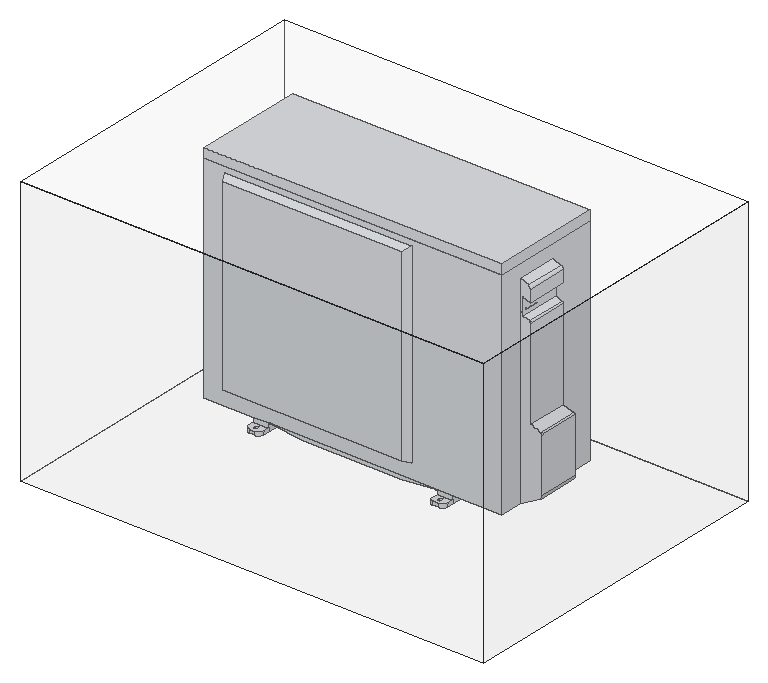
Revit family "puz-ermp4063ska14_50hz", category 機械設備, Revit 2019
Family settings
  丸型コネクタ寸法 = 直径を使用
  パーツ タイプ = 標準
  OmniClass 番号 = 23.75.10.24.21.27.27
  OmniClass タイトル = Split System Air Conditioning Units
  作業面ベース = いいえ
  常に垂直 = はい
  ロード時にボイドで切り取り = いいえ
  共有 = いいえ
  部屋計算ポイント = いいえ
Parameters (values of type "室外機_PUZ-ERMP40KA14 (-BS_BSG)")
  音響パワーレベル_暖房 (dB) = 66
  音響パワーレベル_冷房 (dB) = 64
  音響パワーレベル(dB) = [音響パワーレベル_暖房 (dB)]  # 66
  電源種別 = ""
  電源位置Y = 61 mm
  電源位置Z = 497.7 mm
  電源位置X = 400 mm
  電圧 = 200 V
  電動機出力_送風機 = 0.04 kW
  電動機出力_圧縮機 = 0.7 kW
  集中コントローラ [instance] = ""
  運転質量 = 0.00 kg
  運転方法 = "冷暖切替"
  質量 = if(製品質量 > 運転質量, 製品質量, 運転質量) * 1.2  # 45.60 kg
  負荷分類 = 1_熱源類
  説明 = "空冷H/P PAC インバータ室外機"
  設計暖房能力 [instance] = 0 kW
  設計冷房能力_顕熱 [instance] = 0 kW
  設計冷房能力 [instance] = 0 kW
  設置方法 = "床置形"
  記号 [instance] = ""
  製造元 = "三菱電機株式会社"
  製品質量 = 38.00 kg
  製品出荷対象 = "国内"
  製品リリース年月 = ""
  製品グループ = ""
  系統 [instance] = ""
  符号 = "PAC"
  積算_科目 = "1 空気調和設備"
  積算_拾い区分 [instance] = ""
  相 = 3
  盤記号 [instance] = ""
  発停方法 = "付属スイッチ"
  特殊仕様 [instance] = ""
  消費電力_暖房 = 0 kW
  消費電力_冷房 = 0 kW
  消費電力 = if(消費電力_冷房 > 消費電力_暖房, 消費電力_冷房, 消費電力_暖房)  # 0 kW
  法定耐用年数 = "6"
  構成品番 = "PUZ-ERMP40KA14 (-BS,-BSG)"
  極数 = 3
  材質 [instance] = ""
  本体マテリアル = none
  最小電線太さ_mm2 = 2
  最大電流値 = 0 A
  暖房能力 = 4 kW
  推奨ブレーカー容量 = 15 A
  据付ピッチ1 = 0 mm
  形式 = "パッケージ形 室外機"
  形名 = PUZ-ZRMP-1 : PUZ-ZRMP-1
  幹線記号 [instance] = ""
  始動方式 = "インバータ始動方式"
  呼称 = "パッケージ形空気調和機_室外機"
  周波数 = 50 Hz
  価格 = 0
  ドレン　位置Z = 8.5 mm
  ドレン　位置Y = 48.5 mm
  ドレン　位置X = 404.5 mm
  アンカーボルト位置Y = 330 mm
  アンカーボルト位置X = 500 mm
  参照している仕様書等のバージョン = "公共建築物標準仕様書（機械設備工事編）平成31年度版"
  分類コード = "5.0053E+13"
  分類グループ = ""
  冷房能力 = 3.6 kW
  冷媒管（ガス）位置X = 420 mm
  冷媒管（液）位置X = 420 mm
  冷媒管（液）位置Y = 153.75 mm
  冷媒管（ガス）位置Y = 153.75 mm
  冷媒管長 [instance] = 0 mm
  冷媒管径符号 = "Ac"
  冷媒管径 = 60.00 mm
  冷媒管位置Z = 158.95 mm
  冷媒管位置Y = (冷媒管（液）位置Y + 冷媒管（ガス）位置Y) / 2  # 153.75 mm
  冷媒管位置X = (冷媒管（液）位置X + 冷媒管（ガス）位置X) / 2  # 420 mm
  冷媒液管径 = 6.35 mm
  冷媒ガス管径 = 12.70 mm
  企業コード = "108420"
  付属品 [instance] = ""
  仕様書バージョン = "Version1.0"
  ユニット数 = 1
  ユニット3 = yes
  ユニット2 = yes
  Model = ""
  ドレン管径 = 42.00 mm
  サービススペース = yes
  コメント [instance] = ""
  ケーブル種類1 = ""
  【値が 0 の項目は組合せ形名にてご確認ください】 = ""
  Width = 809 mm
  Version = ""
  Uniclass2015Version = "Systems v1.9"
  Uniclass2015Title = "Split coil remote air cooled condensing units"
  Uniclass2015Code = "Pr_70_65_03_84"
  URL = "https://www.mitsubishielectric.co.jp/ldg/wink/ssl/top.do"
  SpecificationReference = ""
  SpecificationDescription = ""
  Revision = ""
  ProductInformation = ""
  OmniClassCode = "23-33 17 13 11"
  IfcTypeProduct = ""
  IfcProduct = ""
  IfcExportType = "AIRCONDITIONINGUNIT"
  IfcExportAs = "IfcUnitaryEquipmentType"
  Height = 630 mm
  Depth = 300 mm
  Clearance Top = 100 mm
  Clearance Right = 350 mm
  Clearance Left = 100 mm
  Clearance Front = 500 mm
  Clearance Bottom = 0 mm
  Clearance Back = 100 mm
  COP = 0
  Author = "三菱電機株式会社"
  APF = 0
Reference planes
  plane 1 "中心(正面/背面)": y = 74
  plane 2: z = 0
  plane 3 "中心(左/右)": x = 830
  plane 4 "右": x = 1234.5
  plane 5 "左": x = 425.5
  plane 6 "背面": y = 224
  plane 7 "正面": y = -76
  plane 8 "上部": z = 630
  plane 9 "Clearanse Top": z = 730
  plane 10 "SS_back": y = 324
  plane 11 "SS_front": y = -576
  plane 12 "SS_left": x = 325.5
  plane 13 "SS_right": x = 1584.5
  plane 14: z = 0
  plane 15: y = -15
  plane 16: x = 1230
  plane 17: z = 497.7
  plane 18: y = -13
  plane 19: y = 70.25
  plane 20: x = 1250
  plane 21: y = 175.5
  plane 22: x = 830
  plane 23: z = 10.5
  plane 24: z = 8.5
  plane 25: x = 580
  plane 26: x = 1080
  plane 27: y = 239
  plane 28: y = -91
Forms (mm)
  Extrusion 1, solid, detail levels fine
    sketch origin (0, -76, 0) x (1, 0, 0) y (0, 0, 1)
      loop
        circle (1230, 497.7) r 13.5
    from -63 to -61
  Extrusion 2, solid, detail levels fine
    sketch origin (-1437.329, -1524, 54) x (-1, 0, 0) y (0, -1, 0)
      loop
        circle (-2267.329, -1699.5) r 21
    from -45.5 to -43.5
  Sweep 3, solid, material <- "本体マテリアル", detail levels fine
    path origin (1250, 1296.25, 1200) x (0, 1, 0) y (0, 0, 1)
      loop
        line (-1226, -1041.05) -> (-1272.623, -1084.565)
    profile origin (1250, 46.939, 137.193) x (0, 0.682318, -0.731055) y (1, 0, 0)
      loop
        circle (0, 0) r 30
Lines and regions (mm)
  model lines, not visible
    curve 1: line (460, 178.667, 1289.179) -> (460, 297.73, 1289.179)
    curve 2: line (460, 178.667, 1056.056) -> (460, 178.667, 1289.179)
    curve 3: line (460, 297.73, 1056.056) -> (460, 178.667, 1056.056)
    curve 4: line (460, 297.73, 1289.179) -> (460, 297.73, 1056.056)
    curve 5: line (460, 47.598, 1289.179) -> (460, 166.661, 1289.179)
    curve 6: line (460, 47.598, 1056.056) -> (460, 47.598, 1289.179)
    curve 7: line (460, 166.661, 1056.056) -> (460, 47.598, 1056.056)
    curve 8: line (460, 166.661, 1289.179) -> (460, 166.661, 1056.056)
    curve 9: line (460, -83.471, 1289.179) -> (460, 35.592, 1289.179)
    curve 10: line (460, -83.471, 1056.056) -> (460, -83.471, 1289.179)
    curve 11: line (460, 35.592, 1056.056) -> (460, -83.471, 1056.056)
    curve 12: line (460, 35.592, 1289.179) -> (460, 35.592, 1056.056)
    curve 13: line (460, -150.779, 1289.179) -> (460, -95.75, 1289.179)
    curve 14: line (460, -150.779, 1056.056) -> (460, -150.779, 1289.179)
    curve 15: line (460, -95.75, 1056.056) -> (460, -150.779, 1056.056)
    curve 16: line (460, -95.75, 1289.179) -> (460, -95.75, 1056.056)
    curve 17: line (460, -150.779, 1283.175) -> (460, -132.596, 1283.175)
    curve 18: line (460, -150.779, 1062.059) -> (460, -150.779, 1283.175)
    curve 19: line (460, -132.596, 1062.059) -> (460, -150.779, 1062.059)
    curve 20: line (460, -132.596, 1283.175) -> (460, -132.596, 1062.059)
    curve 21: line (460, 178.667, 1046.051) -> (460, 297.73, 1046.051)
    curve 22: line (460, 178.667, 812.928) -> (460, 178.667, 1046.051)
    curve 23: line (460, 297.73, 812.928) -> (460, 178.667, 812.928)
    curve 24: line (460, 297.73, 1046.051) -> (460, 297.73, 812.928)
    curve 25: line (460, 47.598, 1046.051) -> (460, 166.661, 1046.051)
    curve 26: line (460, 47.598, 812.928) -> (460, 47.598, 1046.051)
    curve 27: line (460, 166.661, 812.928) -> (460, 47.598, 812.928)
    curve 28: line (460, 166.661, 1046.051) -> (460, 166.661, 812.928)
    curve 29: line (460, -83.471, 1046.051) -> (460, 35.592, 1046.051)
    curve 30: line (460, -83.471, 812.928) -> (460, -83.471, 1046.051)
    curve 31: line (460, 35.592, 812.928) -> (460, -83.471, 812.928)
    curve 32: line (460, 35.592, 1046.051) -> (460, 35.592, 812.928)
    curve 33: line (460, -150.779, 1046.051) -> (460, -95.75, 1046.051)
    curve 34: line (460, -150.779, 812.928) -> (460, -150.779, 1046.051)
    curve 35: line (460, -95.75, 812.928) -> (460, -150.779, 812.928)
    curve 36: line (460, -95.75, 1046.051) -> (460, -95.75, 812.928)
    curve 37: line (460, -150.779, 1040.048) -> (460, -132.596, 1040.048)
    curve 38: line (460, -150.779, 818.931) -> (460, -150.779, 1040.048)
    curve 39: line (460, -132.596, 818.931) -> (460, -150.779, 818.931)
    curve 40: line (460, -132.596, 1040.048) -> (460, -132.596, 818.931)
    curve 41: line (460, 178.667, 802.923) -> (460, 297.73, 802.923)
    curve 42: line (460, 178.667, 569.8) -> (460, 178.667, 802.923)
    curve 43: line (460, 297.73, 569.8) -> (460, 178.667, 569.8)
    curve 44: line (460, 297.73, 802.923) -> (460, 297.73, 569.8)
    curve 45: line (460, 47.598, 802.923) -> (460, 166.661, 802.923)
    curve 46: line (460, 47.598, 569.8) -> (460, 47.598, 802.923)
    curve 47: line (460, 166.661, 569.8) -> (460, 47.598, 569.8)
    curve 48: line (460, 166.661, 802.923) -> (460, 166.661, 569.8)
    curve 49: line (460, -83.471, 802.923) -> (460, 35.592, 802.923)
    curve 50: line (460, -83.471, 569.8) -> (460, -83.471, 802.923)
    curve 51: line (460, 35.592, 569.8) -> (460, -83.471, 569.8)
    curve 52: line (460, 35.592, 802.923) -> (460, 35.592, 569.8)
    curve 53: line (460, -150.779, 802.923) -> (460, -95.75, 802.923)
    curve 54: line (460, -150.779, 569.8) -> (460, -150.779, 802.923)
    curve 55: line (460, -95.75, 569.8) -> (460, -150.779, 569.8)
    curve 56: line (460, -95.75, 802.923) -> (460, -95.75, 569.8)
    curve 57: line (460, -150.779, 796.92) -> (460, -132.596, 796.92)
    curve 58: line (460, -150.779, 575.803) -> (460, -150.779, 796.92)
    curve 59: line (460, -132.596, 575.803) -> (460, -150.779, 575.803)
    curve 60: line (460, -132.596, 796.92) -> (460, -132.596, 575.803)
    curve 61: line (460, 178.667, 559.795) -> (460, 297.73, 559.795)
    curve 62: line (460, 178.667, 326.672) -> (460, 178.667, 559.795)
    curve 63: line (460, 297.73, 326.672) -> (460, 178.667, 326.672)
    curve 64: line (460, 297.73, 559.795) -> (460, 297.73, 326.672)
    curve 65: line (460, 47.598, 559.795) -> (460, 166.661, 559.795)
    curve 66: line (460, 47.598, 326.672) -> (460, 47.598, 559.795)
    curve 67: line (460, 166.661, 326.672) -> (460, 47.598, 326.672)
    curve 68: line (460, 166.661, 559.795) -> (460, 166.661, 326.672)
    curve 69: line (460, -83.471, 559.795) -> (460, 35.592, 559.795)
    curve 70: line (460, -83.471, 326.672) -> (460, -83.471, 559.795)
    curve 71: line (460, 35.592, 326.672) -> (460, -83.471, 326.672)
    curve 72: line (460, 35.592, 559.795) -> (460, 35.592, 326.672)
    curve 73: line (460, -150.779, 559.795) -> (460, -95.75, 559.795)
    curve 74: line (460, -150.779, 326.672) -> (460, -150.779, 559.795)
    curve 75: line (460, -95.75, 326.672) -> (460, -150.779, 326.672)
    curve 76: line (460, -95.75, 559.795) -> (460, -95.75, 326.672)
    curve 77: line (460, -150.779, 553.792) -> (460, -132.596, 553.792)
    curve 78: line (460, -150.779, 332.675) -> (460, -150.779, 553.792)
    curve 79: line (460, -132.596, 332.675) -> (460, -150.779, 332.675)
    curve 80: line (460, -132.596, 553.792) -> (460, -132.596, 332.675)
    curve 81: line (460, 178.667, 316.667) -> (460, 297.73, 316.667)
    curve 82: line (460, 178.667, 83.544) -> (460, 178.667, 316.667)
    curve 83: line (460, 297.73, 83.544) -> (460, 178.667, 83.544)
    curve 84: line (460, 297.73, 316.667) -> (460, 297.73, 83.544)
    curve 85: line (460, 47.598, 316.667) -> (460, 166.661, 316.667)
    curve 86: line (460, 47.598, 83.544) -> (460, 47.598, 316.667)
    curve 87: line (460, 166.661, 83.544) -> (460, 47.598, 83.544)
    curve 88: line (460, 166.661, 316.667) -> (460, 166.661, 83.544)
    curve 89: line (460, -83.471, 316.667) -> (460, 35.592, 316.667)
    curve 90: line (460, -83.471, 83.544) -> (460, -83.471, 316.667)
    curve 91: line (460, 35.592, 83.544) -> (460, -83.471, 83.544)
    curve 92: line (460, 35.592, 316.667) -> (460, 35.592, 83.544)
    curve 93: line (460, -150.779, 316.667) -> (460, -95.75, 316.667)
    curve 94: line (460, -150.779, 83.544) -> (460, -150.779, 316.667)
    curve 95: line (460, -95.75, 83.544) -> (460, -150.779, 83.544)
    curve 96: line (460, -95.75, 316.667) -> (460, -95.75, 83.544)
    curve 97: line (460, -150.779, 310.664) -> (460, -132.596, 310.664)
    curve 98: line (460, -150.779, 89.547) -> (460, -150.779, 310.664)
    curve 99: line (460, -132.596, 89.547) -> (460, -150.779, 89.547)
    curve 100: line (460, -132.596, 310.664) -> (460, -132.596, 89.547)
Dimensions and locks
  equal spacing: plane 7 "正面", plane 1 "中心(正面/背面)", plane 6 "背面"
  "Depth": plane 7 "正面" to plane 6 "背面"
  "Width": plane 5 "左" to plane 4 "右"
  equal spacing: plane 5 "左", plane 3 "中心(左/右)", plane 4 "右"
  "Clearance Left": plane 12 "SS_left" to plane 5 "左"
  "Clearance Right": plane 4 "右" to plane 13 "SS_right"
  "Clearance Back": plane 6 "背面" to plane 10 "SS_back"
  "Clearance Front": plane 11 "SS_front" to plane 7 "正面"
  "Height": plane 8 "上部" to level
  "Clearance Top": plane 9 "Clearanse Top" to plane 8 "上部"
  "Clearance Bottom": level to plane 14
  "電源位置X": plane 3 "中心(左/右)" to plane 16
  "電源位置Y": plane 7 "正面" to plane 15
  "電源位置Z": plane 17 to level
  locked: plane 15 to plane 18 at 2
  "冷媒管位置X": plane 3 "中心(左/右)" to plane 20
  "冷媒管位置Y": plane 19 to plane 6 "背面"
  "ドレン　位置X": plane 5 "左" to plane 22
  "ドレン　位置Y": plane 21 to plane 6 "背面"
  locked: plane 23 to plane 24 at 2
  "ドレン　位置Z": plane 24 to level
  equal spacing: plane 28, plane 1 "中心(正面/背面)", plane 27
  "アンカーボルト位置Y": plane 28 to plane 27
  equal spacing: plane 25, plane 3 "中心(左/右)", plane 26
  "アンカーボルト位置X": plane 25 to plane 26
  radius of Extrusion 1 sketch curve = 13.5 mm
  "ドレン管径": diameter of Extrusion 2 sketch curve
  "冷媒管径": diameter of Sweep 3 sketch curve
  aligned and locked: level to plane 2
  aligned and locked: plane 10 "SS_back" to nested 1  (x2)
  aligned and locked: plane 13 "SS_right" to nested 1
  aligned and locked: plane 12 "SS_left" to nested 1  (x2)
  aligned and locked: nested 1 to plane 13 "SS_right"
  aligned and locked: plane 11 "SS_front" to nested 1
  aligned and locked: plane 9 "Clearanse Top" to nested 1
  aligned and locked: plane 1 "中心(正面/背面)" to nested 2
  aligned and locked: plane 3 "中心(左/右)" to nested 2
  aligned and locked: plane 14 to nested 1
  aligned and locked: plane 17 to Extrusion 1 sketch curve
  aligned and locked: plane 16 to Extrusion 1 sketch curve
  aligned and locked: Extrusion 1 to plane 18
  aligned and locked: plane 15 to Extrusion 1
  aligned and locked: plane 22 to Extrusion 2 sketch curve
  aligned and locked: plane 21 to Extrusion 2 sketch curve
  aligned and locked: plane 23 to Extrusion 2
  aligned and locked: Extrusion 2 to plane 24
  aligned and locked: plane 25 to nested 3
  aligned and locked: plane 27 to nested 3
Automatic sketch dimensions
  Sweep 3 sketch curve to plane 18 = 36.627 mm
  plane 1 "中心(正面/背面)" to Sweep 3 sketch curve = 3.75 mm
  plane 23 to Sweep 3 sketch curve = 104.935 mm
  Sweep 3 sketch curve to Sweep 3 sketch curve = 43.515 mm
  Sweep 3 sketch curve to plane 20 = 0 mm
  Sweep 3 sketch curve to profile plane = 0 mm
Nested families
  nested 1: "サービススペース" at (955, -126, 365), visible <- "サービススペース", type "サービススペース"
    with Width 1259 mm, Height 730 mm, Depth 900 mm
  nested 2: "PUZ-ZRMP-1" at (830, 74, 0), type <- "形名", type "PUZ-ZRMP-1"
  nested 3: "固定点" at (580, -91, 0), type "固定点"
    with 中心円 10 mm, W 500 mm, D 330 mm
Connectors
  electrical at (1230, -15, 497.7), driven by "極数", driven by "負荷分類", driven by "電圧", driven by "消費電力"
    settings: on Extrusion 1, index 2, voltage 200 V, apparent load 0 VA, apparent load phase1 0 VA, apparent load phase2 0 VA, apparent load phase3 0 VA, power factor 1, load classification "1_熱源類", number of poles 3, system type 30, power factor state 1, is connector primary yes, connector utility no, sub classification motor no, connector description ""
  piping at (1250, 70.25, 158.95), diameter 60, driven by "冷媒管径", driven by "冷媒管径符号"
    settings: on Sweep 3, index 3, connector inside diameter 609.60 mm, connector length 0 mm, flow factor 0, pipe flow 0.0 L/s, pressure drop 0.0 Pa, fitting loss kfactor 0, connector angle 0.00°, fixture units 0, engagement length 0 mm, angle of deflection 0.00°, flow configuration 1, flow direction 2, fitting loss method 4, system type 7, joint type 0, gender type 0, connector reference index -1, connector utility 0, adjustable connector no, is connector primary yes, connector description "Ac"
Definition of nested family "サービススペース"
  Parameters (values of type "サービススペース")
    Width [instance] = 500 mm
    Height [instance] = 500 mm
    Depth [instance] = 500 mm
  Reference planes
    plane 1 "中心(正面/背面)": y = 0
    plane 2: z = 0
    plane 3 "中心(左/右)": x = 0
    plane 4: y = -250
    plane 5: x = 250
    plane 6: y = 250
    plane 7: x = -250
    plane 8: z = 250
    plane 9: z = -250
  Forms (mm)
    Extrusion 1, solid
      sketch origin (-638.939, 0, 72.39) x (1, 0, 0) y (0, 1, 0)
        loop
          line (388.939, 250) -> (388.939, -250) -> (888.939, -250) -> (888.939, 250) -> (388.939, 250)
      from -322.39 to 177.61
  Lines and regions (mm)
    symbolic lines
      curve 1: line (-250, 0, 250) -> (250, 0, 250)
      curve 2: line (-250, 0, -250) -> (-250, 0, 250)
      curve 3: line (250, 0, -250) -> (-250, 0, -250)
      curve 4: line (250, 0, 250) -> (250, 0, -250)
      curve 5: line (0, -250, 250) -> (0, 250, 250)
      curve 6: line (0, -250, -250) -> (0, -250, 250)
      curve 7: line (0, 250, -250) -> (0, -250, -250)
      curve 8: line (0, 250, 250) -> (0, 250, -250)
      curve 9: line (-250, 250, 0) -> (250, 250, 0)
      curve 10: line (-250, -250, 0) -> (-250, 250, 0)
      curve 11: line (250, -250, 0) -> (-250, -250, 0)
      curve 12: line (250, 250, 0) -> (250, -250, 0)
  Dimensions and locks
    equal spacing: plane 7, plane 3 "中心(左/右)", plane 5
    equal spacing: plane 4, plane 1 "中心(正面/背面)", plane 6
    "Depth": plane 4 to plane 6
    "Width": plane 7 to plane 5
    equal spacing: plane 8, plane 2, plane 9
    "Height": plane 8 to plane 9
    aligned and locked: plane 9 to curve 3
    aligned and locked: plane 7 to curve 2
    aligned and locked: curve 4 to plane 5
    aligned and locked: plane 5 to Extrusion 1
    aligned and locked: Extrusion 1 to plane 7
    aligned and locked: Extrusion 1 to plane 9
    aligned and locked: plane 8 to Extrusion 1
    aligned and locked: plane 9 to curve 7
  Automatic sketch dimensions
    plane 4 to Extrusion 1 sketch curve = 0 mm
    Extrusion 1 sketch curve to plane 7 = 0 mm
    Extrusion 1 sketch curve to plane 5 = 0 mm
    plane 6 to Extrusion 1 sketch curve = 0 mm
    curve 2 to plane 8 = 0 mm
    plane 4 to curve 11 = 0 mm
    curve 11 to plane 7 = 0 mm
    curve 11 to plane 5 = 0 mm
    plane 6 to curve 10 = 0 mm
    curve 7 to plane 4 = 0 mm
    curve 7 to plane 6 = 0 mm
    curve 6 to plane 8 = 0 mm
Definition of nested family "PUZ-ZRMP-1"
  Parameters (values of type "PUZ-ZRMP-1")
    配線取出口サイズ = 27 mm
    配線取出口-Z = 497.7 mm
    配線取出口-Y = 239 mm
    配線取出口-X = 400 mm
    液配管サイズ = 50 mm
    高さ = 630 mm
    換気-W = 310 mm
    換気-H2 = 632 mm
    換気-H1 = 325 mm
    換気-D = 20 mm
    奥行き = 300 mm
    吊りボルト_H = 0 mm
    吊りボルト-φ = 10 mm
    冷媒配管サイズ = 6.35 mm
    冷媒液管径-Z = 164.5 mm
    冷媒液管径-Y = 185.5 mm
    冷媒液管径-X = 420 mm
    冷媒ガス管径-Z = 99.5 mm
    冷媒ガス管径-Y = 185.5 mm
    冷媒ガス管径-X = 420 mm
    吊りボルト-W = 500 mm
    マテリアル = none
    ドレン配管サイズ = 42 mm
    ドレン管径-Z = 0 mm
    ドレン管径-Y = 251.5 mm
    ドレン管径-X = 404.5 mm
    タイプ3 = no
    タイプ2 = no
    タイプ1 = yes
    ガス配管サイズ = 12.7 mm
    吊りボルト-D = 330 mm
    幅さ = 809 mm
    a = 600 mm
  Reference planes
    plane 1 "中心(正面/背面)": y = 0
    plane 2: z = 0
    plane 3 "中心(左/右)": x = 0
    plane 4: z = 630
    plane 5: x = -404.5
    plane 6: x = 404.5
    plane 7: y = 150
    plane 8: y = -150
    plane 9: x = 466.5
    plane 10: y = -90
    plane 11: y = 20
    plane 12: z = 605
    plane 13: x = -424.5
    plane 14: x = -250
    plane 15: x = 250
    plane 16: y = 165
    plane 17: y = -165
    plane 18: x = 270
    plane 19: x = 230
    plane 20: x = -230
    plane 21: x = -270
    plane 22: y = 180
    plane 23: y = -180
    plane 24: z = 8.5
    plane 25: z = 20
    plane 26: z = 11.5
    plane 27: x = -135
    plane 28: x = 135
    plane 29: z = 625
    plane 30: y = -40
    plane 31: y = 40
    plane 32: y = -30
    plane 33: y = 30
    plane 34: z = 610
    plane 35: z = 55
    plane 36: z = 225
    plane 37: z = 570
    plane 38: x = 414.5
    plane 39: x = 435.5
    plane 40: y = -170
    plane 41: x = -94.5
    plane 42: z = 325
    plane 43: x = 159.5
    plane 44: x = -348.5
    plane 45: z = 589
    plane 46: z = 61
    plane 47: x = -338.5
    plane 48: x = 149.5
    plane 49: z = 579
    plane 50: z = 71
    plane 51: y = 100
    plane 52: y = -100
    plane 53: x = 0
    plane 54: y = 101.5
    plane 55: x = 420
    plane 56: x = 400
    plane 57: y = -89
    plane 58: y = -35.5
    plane 59: y = -35.5
    plane 60: x = 420
    plane 61: z = 99.5
    plane 62: z = 164.5
    plane 63: z = 497.7
    plane 64: y = -39
    plane 65: z = 137.3
    plane 66: z = 180.6
    plane 67: x = 420
    plane 68: y = -35.5
    plane 69 "グループ": x = -600
    plane 70: z = 1338
    plane 71: z = 943
    plane 72: z = 957
    plane 73: z = 1221
    plane 74: z = 693
    plane 75: z = 1211
    plane 76: z = 703
    plane 77: y = -12.5
    plane 78: y = 5
    plane 79: y = -3.75
  Forms (mm)
    Extrusion 1, solid, visible <- "タイプ1", detail levels fine
      sketch origin (-1437.329, -1524, 630) x (-1, 0, 0) y (0, -1, 0)
        loop
          line (-1167.329, -1674) -> (-1167.329, -1374) -> (-1207.329, -1374) -> (-1207.329, -1674) -> (-1167.329, -1674)
        loop
          line (-1667.329, -1674) -> (-1667.329, -1374) -> (-1707.329, -1374) -> (-1707.329, -1674) -> (-1667.329, -1674)
      from -630 to -610
    Extrusion 2, solid, material <- "マテリアル", visible <- "タイプ1", detail levels fine
      sketch origin (0, 0, 0) x (1, 0, 0) y (0, 0, 1)
        loop
          line (-230, 20) -> (-135, 11.5) -> (135, 11.5) -> (230, 20) -> (-230, 20)
      from -150 to 150
    Extrusion 3, solid, material <- "マテリアル", visible <- "タイプ1", detail levels fine
      sketch origin (-1437.329, -1524, 630) x (-1, 0, 0) y (0, -1, 0)
        loop
          circle (-1437.329, -1625.5) r 21
      from -621.5 to -618.5
    Extrusion 4, solid, material <- "マテリアル", visible <- "タイプ1", detail levels fine
      sketch origin (-1437.329, -1524, 630) x (-1, 0, 0) y (0, -1, 0)
        loop
          line (-1841.829, -1674) -> (-1032.829, -1674) -> (-1032.829, -1374) -> (-1841.829, -1374) -> (-1841.829, -1674)
      from -610 to -25
    Extrusion 5, solid, material <- "マテリアル", visible <- "タイプ1", detail levels fine
      sketch origin (-1437.329, -1524, 630) x (-1, 0, 0) y (0, -1, 0)
        loop
          line (-1032.829, -1674) -> (-1032.829, -1374) -> (-1841.829, -1374) -> (-1841.829, -1674) -> (-1032.829, -1674)
      from -25 to 0
    Blend 6, solid, material <- "マテリアル", visible <- "タイプ1", detail levels fine
      base sketch origin (0, 0, 0) x (0, 1, 0) y (0, 0, 1)
        loop
          line (40, 625) -> (-40, 625) -> (-40, 605) -> (40, 605) -> (40, 625)
      top sketch origin (0, 0, 0) x (0, 1, 0) y (0, 0, 1)
        loop
          line (30, 610) -> (-30, 610) -> (-30, 605) -> (30, 605) -> (30, 610)
      from -404.5 to -424.5
    Extrusion 7, solid, material <- "マテリアル", visible <- "タイプ1", detail levels fine
      sketch origin (0, 0, 0) x (1, 0, 0) y (0, 0, 1)
        loop
          line (404.5, 570) -> (404.5, 20) -> (461.416, 52.13)
          arc (461.416, 52.13) -> (465.136, 55.796) -> (466.5, 60.838) r 10
          line (466.5, 60.838) -> (466.5, 210.216)
          arc (466.5, 210.216) -> (465.596, 213.084) -> (463.21, 214.914) r 5
          line (463.21, 214.914) -> (435.5, 225) -> (435.5, 470.082)
          arc (435.5, 470.082) -> (434.596, 472.95) -> (432.21, 474.78) r 5
          line (432.21, 474.78) -> (414.5, 481.226) -> (414.5, 529.114) -> (435.5, 521.471) -> (435.5, 551.715)
          arc (435.5, 551.715) -> (433.692, 557.451) -> (428.92, 561.112) r 10
          line (428.92, 561.112) -> (404.5, 570)
      from -20 to 90
    Blend 8, solid, material <- "マテリアル", visible <- "タイプ1", detail levels fine
      base sketch origin (0, 0, 0) x (1, 0, 0) y (0, 0, 1)
        loop
          line (-348.5, 589) -> (-348.5, 61) -> (159.5, 61) -> (159.5, 589) -> (-348.5, 589)
      top sketch origin (0, 0, 0) x (1, 0, 0) y (0, 0, 1)
        loop
          line (-338.5, 579) -> (-338.5, 71) -> (149.5, 71) -> (149.5, 579) -> (-338.5, 579)
      from 150 to 170
    Extrusion 9, solid, material <- "マテリアル", visible <- "タイプ1", detail levels fine
      sketch origin (1480.036, -170, 1200) x (1, 0, 0) y (0, 0, 1)
        loop
          circle (-1080.036, -702.3) r 13.5
      from -131 to -81
    Extrusion 10, solid, visible <- "タイプ1", detail levels fine
      sketch origin (-1437.329, -1524, 630) x (-1, 0, 0) y (0, -1, 0)
        loop
          line (-1167.329, -1704) -> (-1167.329, -1674) -> (-1207.329, -1674) -> (-1207.329, -1704) -> (-1192.329, -1704) -> (-1192.329, -1689)
          arc (-1192.329, -1689) -> (-1187.329, -1684) -> (-1182.329, -1689) r 5
          line (-1182.329, -1689) -> (-1182.329, -1704) -> (-1167.329, -1704)
        loop
          line (-1667.329, -1704) -> (-1667.329, -1674) -> (-1707.329, -1674) -> (-1707.329, -1704) -> (-1692.329, -1704) -> (-1692.329, -1689)
          arc (-1692.329, -1689) -> (-1687.329, -1684) -> (-1682.329, -1689) r 5
          line (-1682.329, -1689) -> (-1682.329, -1704) -> (-1667.329, -1704)
        loop
          line (-1667.329, -1374) -> (-1667.329, -1354)
          arc (-1667.329, -1354) -> (-1670.258, -1346.929) -> (-1677.329, -1344) r 10
          line (-1677.329, -1344) -> (-1694.129, -1344)
          arc (-1694.129, -1344) -> (-1703.463, -1347.866) -> (-1707.329, -1357.2) r 13.2
          line (-1707.329, -1357.2) -> (-1707.329, -1374) -> (-1667.329, -1374)
        loop
          line (-1167.329, -1374) -> (-1167.329, -1357.2)
          arc (-1167.329, -1357.2) -> (-1171.196, -1347.866) -> (-1180.529, -1344) r 13.2
          line (-1180.529, -1344) -> (-1194.129, -1344)
          arc (-1194.129, -1344) -> (-1203.463, -1347.866) -> (-1207.329, -1357.2) r 13.2
          line (-1207.329, -1357.2) -> (-1207.329, -1374) -> (-1167.329, -1374)
        loop
          arc (-1192.329, -1359) -> (-1187.329, -1364) -> (-1182.329, -1359) r 5
          line (-1182.329, -1359) -> (-1182.329, -1357.2)
          arc (-1182.329, -1357.2) -> (-1187.329, -1352.2) -> (-1192.329, -1357.2) r 5
          line (-1192.329, -1357.2) -> (-1192.329, -1359)
        loop
          arc (-1692.329, -1359) -> (-1687.329, -1364) -> (-1682.329, -1359) r 5
          line (-1682.329, -1359) -> (-1682.329, -1357.2)
          arc (-1682.329, -1357.2) -> (-1687.329, -1352.2) -> (-1692.329, -1357.2) r 5
          line (-1692.329, -1357.2) -> (-1692.329, -1359)
      from -621.5 to -630
    Sweep 11, solid, material <- "マテリアル", visible <- "タイプ1", detail levels fine
      path origin (420, 1296.25, 1200) x (0, 1, 0) y (0, 0, 1)
        loop
          line (-1331.75, -1035.5) -> (-1308.75, -1019.4)
      profile origin (420, -24, 172.55) x (0, -0.573462, 0.819232) y (1, 0, 0)
        loop
          circle (0, 0) r 3.175
    Sweep 12, solid, material <- "マテリアル", visible <- "タイプ1", detail levels fine
      path origin (420, 1296.25, 1200) x (0, 1, 0) y (0, 0, 1)
        loop
          line (-1331.75, -1100.5) -> (-1291.25, -1062.7)
      profile origin (420, -15.25, 118.4) x (0, -0.682318, 0.731055) y (1, 0, 0)
        loop
          circle (0, 0) r 6.35
  Lines and regions (mm)
    Masking region 1, visible <- "タイプ1", detail levels coarse+medium
      outline origin (-1437.329, -1524, 630) x (-1, 0, 0) y (0, -1, 0)
        loop
          line (-1841.829, -1674) -> (-1707.329, -1674) -> (-1707.329, -1704) -> (-1667.329, -1704) -> (-1667.329, -1674) -> (-1207.329, -1674) -> (-1207.329, -1704) -> (-1167.329, -1704) -> (-1167.329, -1674) -> (-1032.829, -1674) -> (-1032.829, -1564) -> (-1012.829, -1554) -> (-1012.829, -1494) -> (-1032.829, -1484) -> (-1032.829, -1374) -> (-1088.829, -1374) -> (-1098.829, -1354) -> (-1164.523, -1354)
          arc (-1164.523, -1354) -> (-1169.205, -1346.796) -> (-1177.329, -1344) r 13.2
          line (-1177.329, -1344) -> (-1193.997, -1344)
          arc (-1193.997, -1344) -> (-1202.121, -1346.796) -> (-1206.804, -1354) r 13.2
          line (-1206.804, -1354) -> (-1586.829, -1354) -> (-1596.829, -1374) -> (-1667.329, -1374) -> (-1667.329, -1354)
          arc (-1667.329, -1354) -> (-1670.258, -1346.929) -> (-1677.329, -1344) r 10
          line (-1677.329, -1344) -> (-1694.129, -1344)
          arc (-1694.129, -1344) -> (-1703.463, -1347.866) -> (-1707.329, -1357.2) r 13.2
          line (-1707.329, -1357.2) -> (-1707.329, -1374) -> (-1841.829, -1374) -> (-1841.829, -1434) -> (-1903.829, -1434) -> (-1903.829, -1544) -> (-1841.829, -1544) -> (-1841.829, -1674)
    model lines, visible <- "タイプ1", detail levels fine
      curve 1: line (324.5, 100, 630) -> (-324.5, 100, 630)
      curve 2: line (-324.5, -100, 630) -> (324.5, -100, 630)
      curve 3: line (-324.5, -40, 630) -> (324.5, -40, 630)
      curve 4: line (324.5, 40, 630) -> (-324.5, 40, 630)
      curve 5: line (-324.5, -30, 630) -> (324.5, -30, 630)
      curve 6: line (324.5, 30, 630) -> (-324.5, 30, 630)
      curve 7: line (-324.5, 100, 630) -> (-324.5, 40, 630)
      curve 8: line (324.5, -100, 630) -> (324.5, -40, 630)
      curve 9: line (-324.5, 30, 630) -> (-324.5, -30, 630)
      curve 10: line (-324.5, -40, 630) -> (-324.5, -100, 630)
      curve 11: line (324.5, -30, 630) -> (324.5, 30, 630)
      curve 12: line (324.5, 40, 630) -> (324.5, 100, 630)
      curve 13: line (354.5, -100, 630) -> (354.5, 100, 630)
      curve 14: line (339.5, -100, 630) -> (339.5, 100, 630)
      curve 15: line (-354.5, 100, 630) -> (-354.5, -100, 630)
      curve 16: line (-339.5, 100, 630) -> (-339.5, -100, 630)
      curve 17: line (-339.5, 100, 630) -> (-354.5, 100, 630)
      curve 18: line (-339.5, -100, 630) -> (-354.5, -100, 630)
      curve 19: line (339.5, 100, 630) -> (354.5, 100, 630)
      curve 20: line (339.5, -100, 630) -> (354.5, -100, 630)
      curve 21: line (-338.5, -170, 372.5) -> (149.5, -170, 372.5)
      curve 22: line (149.5, -170, 277.5) -> (-338.5, -170, 277.5)
      curve 23: line (-338.5, -170, 467.5) -> (149.5, -170, 467.5)
      curve 24: line (-338.5, -170, 562.5) -> (149.5, -170, 562.5)
      curve 25: line (149.5, -170, 182.5) -> (-338.5, -170, 182.5)
      curve 26: line (149.5, -170, 87.5) -> (-338.5, -170, 87.5)
      curve 27: line (-321.071, -170, 579) -> (-321.071, -170, 71)
      curve 28: line (132.071, -170, 71) -> (132.071, -170, 579)
      curve 29: line (-303.643, -170, 579) -> (-303.643, -170, 71)
      curve 30: line (-286.214, -170, 579) -> (-286.214, -170, 71)
      curve 31: line (-268.786, -170, 579) -> (-268.786, -170, 71)
      curve 32: line (-251.357, -170, 579) -> (-251.357, -170, 71)
      curve 33: line (-233.929, -170, 579) -> (-233.929, -170, 71)
      curve 34: line (-216.5, -170, 579) -> (-216.5, -170, 71)
      curve 35: line (-199.071, -170, 579) -> (-199.071, -170, 71)
      curve 36: line (-181.643, -170, 579) -> (-181.643, -170, 71)
      curve 37: line (-164.214, -170, 579) -> (-164.214, -170, 71)
      curve 38: line (-146.786, -170, 579) -> (-146.786, -170, 71)
      curve 39: line (-129.357, -170, 579) -> (-129.357, -170, 71)
      curve 40: line (-111.929, -170, 579) -> (-111.929, -170, 71)
      curve 41: line (-94.5, -170, 579) -> (-94.5, -170, 71)
      curve 42: line (-77.071, -170, 579) -> (-77.071, -170, 71)
      curve 43: line (-59.643, -170, 579) -> (-59.643, -170, 71)
      curve 44: line (-42.214, -170, 579) -> (-42.214, -170, 71)
      curve 45: line (-24.786, -170, 579) -> (-24.786, -170, 71)
      curve 46: line (-7.357, -170, 579) -> (-7.357, -170, 71)
      curve 47: line (10.071, -170, 579) -> (10.071, -170, 71)
      curve 48: line (27.5, -170, 579) -> (27.5, -170, 71)
      curve 49: line (44.929, -170, 579) -> (44.929, -170, 71)
      curve 50: line (62.357, -170, 579) -> (62.357, -170, 71)
      curve 51: line (79.786, -170, 579) -> (79.786, -170, 71)
      curve 52: line (97.214, -170, 579) -> (97.214, -170, 71)
      curve 53: line (114.643, -170, 579) -> (114.643, -170, 71)
      curve 54: line (-404.5, -10, 574) -> (-404.5, -10, 584)
      curve 55: line (-404.5, -100, 584) -> (-404.5, -100, 574)
      curve 56: line (-404.5, 100, 584) -> (-404.5, 100, 574)
      curve 57: line (-404.5, 10, 584) -> (-404.5, 10, 574)
      curve 58: line (-404.5, 95, 589) -> (-404.5, 15, 589)
      curve 59: line (-404.5, -15, 589) -> (-404.5, -95, 589)
      curve 60: line (-404.5, -15, 569) -> (-404.5, -95, 569)
      curve 61: line (-404.5, 95, 569) -> (-404.5, 15, 569)
      curve 62: arc (-404.5, 100, 584) -> (-404.5, 98.536, 587.536) -> (-404.5, 95, 589) r 5
      curve 63: arc (-404.5, 95, 569) -> (-404.5, 98.536, 570.464) -> (-404.5, 100, 574) r 5
      curve 64: arc (-404.5, 10, 584) -> (-404.5, 11.464, 587.536) -> (-404.5, 15, 589) r 5
      curve 65: arc (-404.5, 10, 574) -> (-404.5, 11.464, 570.464) -> (-404.5, 15, 569) r 5
      curve 66: arc (-404.5, -10, 584) -> (-404.5, -11.464, 587.536) -> (-404.5, -15, 589) r 5
      curve 67: arc (-404.5, -15, 569) -> (-404.5, -11.464, 570.464) -> (-404.5, -10, 574) r 5
      curve 68: arc (-404.5, -95, 589) -> (-404.5, -98.536, 587.536) -> (-404.5, -100, 584) r 5
      curve 69: arc (-404.5, -100, 574) -> (-404.5, -98.536, 570.464) -> (-404.5, -95, 569) r 5
      curve 70: line (-404.5, -10, 544) -> (-404.5, -10, 554)
      curve 71: line (-404.5, -100, 554) -> (-404.5, -100, 544)
      curve 72: line (-404.5, 100, 554) -> (-404.5, 100, 544)
      curve 73: line (-404.5, 10, 554) -> (-404.5, 10, 544)
      curve 74: line (-404.5, 95, 559) -> (-404.5, 15, 559)
      curve 75: line (-404.5, -15, 559) -> (-404.5, -95, 559)
      curve 76: line (-404.5, -15, 539) -> (-404.5, -95, 539)
      curve 77: line (-404.5, 95, 539) -> (-404.5, 15, 539)
      curve 78: arc (-404.5, 100, 554) -> (-404.5, 98.536, 557.536) -> (-404.5, 95, 559) r 5
      curve 79: arc (-404.5, 95, 539) -> (-404.5, 98.536, 540.464) -> (-404.5, 100, 544) r 5
      curve 80: arc (-404.5, 10, 554) -> (-404.5, 11.464, 557.536) -> (-404.5, 15, 559) r 5
      curve 81: arc (-404.5, 10, 544) -> (-404.5, 11.464, 540.464) -> (-404.5, 15, 539) r 5
      curve 82: arc (-404.5, -10, 554) -> (-404.5, -11.464, 557.536) -> (-404.5, -15, 559) r 5
      curve 83: arc (-404.5, -15, 539) -> (-404.5, -11.464, 540.464) -> (-404.5, -10, 544) r 5
      curve 84: arc (-404.5, -95, 559) -> (-404.5, -98.536, 557.536) -> (-404.5, -100, 554) r 5
      curve 85: arc (-404.5, -100, 544) -> (-404.5, -98.536, 540.464) -> (-404.5, -95, 539) r 5
      curve 86: line (-404.5, -10, 514) -> (-404.5, -10, 524)
      curve 87: line (-404.5, -100, 524) -> (-404.5, -100, 514)
      curve 88: line (-404.5, 100, 524) -> (-404.5, 100, 514)
      curve 89: line (-404.5, 10, 524) -> (-404.5, 10, 514)
      curve 90: line (-404.5, 95, 529) -> (-404.5, 15, 529)
      curve 91: line (-404.5, -15, 529) -> (-404.5, -95, 529)
      curve 92: line (-404.5, -15, 509) -> (-404.5, -95, 509)
      curve 93: line (-404.5, 95, 509) -> (-404.5, 15, 509)
      curve 94: arc (-404.5, 100, 524) -> (-404.5, 98.536, 527.536) -> (-404.5, 95, 529) r 5
      curve 95: arc (-404.5, 95, 509) -> (-404.5, 98.536, 510.464) -> (-404.5, 100, 514) r 5
      curve 96: arc (-404.5, 10, 524) -> (-404.5, 11.464, 527.536) -> (-404.5, 15, 529) r 5
      curve 97: arc (-404.5, 10, 514) -> (-404.5, 11.464, 510.464) -> (-404.5, 15, 509) r 5
      curve 98: arc (-404.5, -10, 524) -> (-404.5, -11.464, 527.536) -> (-404.5, -15, 529) r 5
      curve 99: arc (-404.5, -15, 509) -> (-404.5, -11.464, 510.464) -> (-404.5, -10, 514) r 5
      curve 100: arc (-404.5, -95, 529) -> (-404.5, -98.536, 527.536) -> (-404.5, -100, 524) r 5
      curve 101: arc (-404.5, -100, 514) -> (-404.5, -98.536, 510.464) -> (-404.5, -95, 509) r 5
      curve 102: line (-404.5, -10, 484) -> (-404.5, -10, 494)
      curve 103: line (-404.5, -100, 494) -> (-404.5, -100, 484)
      curve 104: line (-404.5, 100, 494) -> (-404.5, 100, 484)
      curve 105: line (-404.5, 10, 494) -> (-404.5, 10, 484)
      curve 106: line (-404.5, 95, 499) -> (-404.5, 15, 499)
      curve 107: line (-404.5, -15, 499) -> (-404.5, -95, 499)
      curve 108: line (-404.5, -15, 479) -> (-404.5, -95, 479)
      curve 109: line (-404.5, 95, 479) -> (-404.5, 15, 479)
      curve 110: arc (-404.5, 100, 494) -> (-404.5, 98.536, 497.536) -> (-404.5, 95, 499) r 5
      curve 111: arc (-404.5, 95, 479) -> (-404.5, 98.536, 480.464) -> (-404.5, 100, 484) r 5
      curve 112: arc (-404.5, 10, 494) -> (-404.5, 11.464, 497.536) -> (-404.5, 15, 499) r 5
      curve 113: arc (-404.5, 10, 484) -> (-404.5, 11.464, 480.464) -> (-404.5, 15, 479) r 5
      curve 114: arc (-404.5, -10, 494) -> (-404.5, -11.464, 497.536) -> (-404.5, -15, 499) r 5
      curve 115: arc (-404.5, -15, 479) -> (-404.5, -11.464, 480.464) -> (-404.5, -10, 484) r 5
      curve 116: arc (-404.5, -95, 499) -> (-404.5, -98.536, 497.536) -> (-404.5, -100, 494) r 5
      curve 117: arc (-404.5, -100, 484) -> (-404.5, -98.536, 480.464) -> (-404.5, -95, 479) r 5
      curve 118: line (-404.5, -10, 454) -> (-404.5, -10, 464)
      curve 119: line (-404.5, -100, 464) -> (-404.5, -100, 454)
      curve 120: line (-404.5, 100, 464) -> (-404.5, 100, 454)
      curve 121: line (-404.5, 10, 464) -> (-404.5, 10, 454)
      curve 122: line (-404.5, 95, 469) -> (-404.5, 15, 469)
      curve 123: line (-404.5, -15, 469) -> (-404.5, -95, 469)
      curve 124: line (-404.5, -15, 449) -> (-404.5, -95, 449)
      curve 125: line (-404.5, 95, 449) -> (-404.5, 15, 449)
      curve 126: arc (-404.5, 100, 464) -> (-404.5, 98.536, 467.536) -> (-404.5, 95, 469) r 5
      curve 127: arc (-404.5, 95, 449) -> (-404.5, 98.536, 450.464) -> (-404.5, 100, 454) r 5
      curve 128: arc (-404.5, 10, 464) -> (-404.5, 11.464, 467.536) -> (-404.5, 15, 469) r 5
      curve 129: arc (-404.5, 10, 454) -> (-404.5, 11.464, 450.464) -> (-404.5, 15, 449) r 5
      curve 130: arc (-404.5, -10, 464) -> (-404.5, -11.464, 467.536) -> (-404.5, -15, 469) r 5
      curve 131: arc (-404.5, -15, 449) -> (-404.5, -11.464, 450.464) -> (-404.5, -10, 454) r 5
      curve 132: arc (-404.5, -95, 469) -> (-404.5, -98.536, 467.536) -> (-404.5, -100, 464) r 5
      curve 133: arc (-404.5, -100, 454) -> (-404.5, -98.536, 450.464) -> (-404.5, -95, 449) r 5
      curve 134: line (-404.5, -10, 424) -> (-404.5, -10, 434)
      curve 135: line (-404.5, -100, 434) -> (-404.5, -100, 424)
      curve 136: line (-404.5, 100, 434) -> (-404.5, 100, 424)
      curve 137: line (-404.5, 10, 434) -> (-404.5, 10, 424)
      curve 138: line (-404.5, 95, 439) -> (-404.5, 15, 439)
      curve 139: line (-404.5, -15, 439) -> (-404.5, -95, 439)
      curve 140: line (-404.5, -15, 419) -> (-404.5, -95, 419)
      curve 141: line (-404.5, 95, 419) -> (-404.5, 15, 419)
      curve 142: arc (-404.5, 100, 434) -> (-404.5, 98.536, 437.536) -> (-404.5, 95, 439) r 5
      curve 143: arc (-404.5, 95, 419) -> (-404.5, 98.536, 420.464) -> (-404.5, 100, 424) r 5
      curve 144: arc (-404.5, 10, 434) -> (-404.5, 11.464, 437.536) -> (-404.5, 15, 439) r 5
      curve 145: arc (-404.5, 10, 424) -> (-404.5, 11.464, 420.464) -> (-404.5, 15, 419) r 5
      curve 146: arc (-404.5, -10, 434) -> (-404.5, -11.464, 437.536) -> (-404.5, -15, 439) r 5
      curve 147: arc (-404.5, -15, 419) -> (-404.5, -11.464, 420.464) -> (-404.5, -10, 424) r 5
      curve 148: arc (-404.5, -95, 439) -> (-404.5, -98.536, 437.536) -> (-404.5, -100, 434) r 5
      curve 149: arc (-404.5, -100, 424) -> (-404.5, -98.536, 420.464) -> (-404.5, -95, 419) r 5
      curve 150: line (-404.5, -10, 394) -> (-404.5, -10, 404)
      curve 151: line (-404.5, -100, 404) -> (-404.5, -100, 394)
      curve 152: line (-404.5, 100, 404) -> (-404.5, 100, 394)
      curve 153: line (-404.5, 10, 404) -> (-404.5, 10, 394)
      curve 154: line (-404.5, 95, 409) -> (-404.5, 15, 409)
      curve 155: line (-404.5, -15, 409) -> (-404.5, -95, 409)
      curve 156: line (-404.5, -15, 389) -> (-404.5, -95, 389)
      curve 157: line (-404.5, 95, 389) -> (-404.5, 15, 389)
      curve 158: arc (-404.5, 100, 404) -> (-404.5, 98.536, 407.536) -> (-404.5, 95, 409) r 5
      curve 159: arc (-404.5, 95, 389) -> (-404.5, 98.536, 390.464) -> (-404.5, 100, 394) r 5
      curve 160: arc (-404.5, 10, 404) -> (-404.5, 11.464, 407.536) -> (-404.5, 15, 409) r 5
      curve 161: arc (-404.5, 10, 394) -> (-404.5, 11.464, 390.464) -> (-404.5, 15, 389) r 5
      curve 162: arc (-404.5, -10, 404) -> (-404.5, -11.464, 407.536) -> (-404.5, -15, 409) r 5
      curve 163: arc (-404.5, -15, 389) -> (-404.5, -11.464, 390.464) -> (-404.5, -10, 394) r 5
      curve 164: arc (-404.5, -95, 409) -> (-404.5, -98.536, 407.536) -> (-404.5, -100, 404) r 5
      curve 165: arc (-404.5, -100, 394) -> (-404.5, -98.536, 390.464) -> (-404.5, -95, 389) r 5
      curve 166: line (-404.5, -10, 364) -> (-404.5, -10, 374)
      curve 167: line (-404.5, -100, 374) -> (-404.5, -100, 364)
      curve 168: line (-404.5, 100, 374) -> (-404.5, 100, 364)
      curve 169: line (-404.5, 10, 374) -> (-404.5, 10, 364)
      curve 170: line (-404.5, 95, 379) -> (-404.5, 15, 379)
      curve 171: line (-404.5, -15, 379) -> (-404.5, -95, 379)
      curve 172: line (-404.5, -15, 359) -> (-404.5, -95, 359)
      curve 173: line (-404.5, 95, 359) -> (-404.5, 15, 359)
      curve 174: arc (-404.5, 100, 374) -> (-404.5, 98.536, 377.536) -> (-404.5, 95, 379) r 5
      curve 175: arc (-404.5, 95, 359) -> (-404.5, 98.536, 360.464) -> (-404.5, 100, 364) r 5
      curve 176: arc (-404.5, 10, 374) -> (-404.5, 11.464, 377.536) -> (-404.5, 15, 379) r 5
      curve 177: arc (-404.5, 10, 364) -> (-404.5, 11.464, 360.464) -> (-404.5, 15, 359) r 5
      curve 178: arc (-404.5, -10, 374) -> (-404.5, -11.464, 377.536) -> (-404.5, -15, 379) r 5
      curve 179: arc (-404.5, -15, 359) -> (-404.5, -11.464, 360.464) -> (-404.5, -10, 364) r 5
      curve 180: arc (-404.5, -95, 379) -> (-404.5, -98.536, 377.536) -> (-404.5, -100, 374) r 5
      curve 181: arc (-404.5, -100, 364) -> (-404.5, -98.536, 360.464) -> (-404.5, -95, 359) r 5
      curve 182: line (-404.5, -10, 334) -> (-404.5, -10, 344)
      curve 183: line (-404.5, -100, 344) -> (-404.5, -100, 334)
      curve 184: line (-404.5, 100, 344) -> (-404.5, 100, 334)
      curve 185: line (-404.5, 10, 344) -> (-404.5, 10, 334)
      curve 186: line (-404.5, 95, 349) -> (-404.5, 15, 349)
      curve 187: line (-404.5, -15, 349) -> (-404.5, -95, 349)
      curve 188: line (-404.5, -15, 329) -> (-404.5, -95, 329)
      curve 189: line (-404.5, 95, 329) -> (-404.5, 15, 329)
      curve 190: arc (-404.5, 100, 344) -> (-404.5, 98.536, 347.536) -> (-404.5, 95, 349) r 5
      curve 191: arc (-404.5, 95, 329) -> (-404.5, 98.536, 330.464) -> (-404.5, 100, 334) r 5
      curve 192: arc (-404.5, 10, 344) -> (-404.5, 11.464, 347.536) -> (-404.5, 15, 349) r 5
      curve 193: arc (-404.5, 10, 334) -> (-404.5, 11.464, 330.464) -> (-404.5, 15, 329) r 5
      curve 194: arc (-404.5, -10, 344) -> (-404.5, -11.464, 347.536) -> (-404.5, -15, 349) r 5
      curve 195: arc (-404.5, -15, 329) -> (-404.5, -11.464, 330.464) -> (-404.5, -10, 334) r 5
      curve 196: arc (-404.5, -95, 349) -> (-404.5, -98.536, 347.536) -> (-404.5, -100, 344) r 5
      curve 197: arc (-404.5, -100, 334) -> (-404.5, -98.536, 330.464) -> (-404.5, -95, 329) r 5
      curve 198: line (-404.5, -10, 304) -> (-404.5, -10, 314)
      curve 199: line (-404.5, -100, 314) -> (-404.5, -100, 304)
      curve 200: line (-404.5, 100, 314) -> (-404.5, 100, 304)
      curve 201: line (-404.5, 10, 314) -> (-404.5, 10, 304)
      curve 202: line (-404.5, 95, 319) -> (-404.5, 15, 319)
      curve 203: line (-404.5, -15, 319) -> (-404.5, -95, 319)
      curve 204: line (-404.5, -15, 299) -> (-404.5, -95, 299)
      curve 205: line (-404.5, 95, 299) -> (-404.5, 15, 299)
      curve 206: arc (-404.5, 100, 314) -> (-404.5, 98.536, 317.536) -> (-404.5, 95, 319) r 5
      curve 207: arc (-404.5, 95, 299) -> (-404.5, 98.536, 300.464) -> (-404.5, 100, 304) r 5
      curve 208: arc (-404.5, 10, 314) -> (-404.5, 11.464, 317.536) -> (-404.5, 15, 319) r 5
      curve 209: arc (-404.5, 10, 304) -> (-404.5, 11.464, 300.464) -> (-404.5, 15, 299) r 5
      curve 210: arc (-404.5, -10, 314) -> (-404.5, -11.464, 317.536) -> (-404.5, -15, 319) r 5
      curve 211: arc (-404.5, -15, 299) -> (-404.5, -11.464, 300.464) -> (-404.5, -10, 304) r 5
      curve 212: arc (-404.5, -95, 319) -> (-404.5, -98.536, 317.536) -> (-404.5, -100, 314) r 5
      curve 213: arc (-404.5, -100, 304) -> (-404.5, -98.536, 300.464) -> (-404.5, -95, 299) r 5
      curve 214: line (-404.5, -10, 274) -> (-404.5, -10, 284)
      curve 215: line (-404.5, -100, 284) -> (-404.5, -100, 274)
      curve 216: line (-404.5, 100, 284) -> (-404.5, 100, 274)
      curve 217: line (-404.5, 10, 284) -> (-404.5, 10, 274)
      curve 218: line (-404.5, 95, 289) -> (-404.5, 15, 289)
      curve 219: line (-404.5, -15, 289) -> (-404.5, -95, 289)
      curve 220: line (-404.5, -15, 269) -> (-404.5, -95, 269)
      curve 221: line (-404.5, 95, 269) -> (-404.5, 15, 269)
      curve 222: arc (-404.5, 100, 284) -> (-404.5, 98.536, 287.536) -> (-404.5, 95, 289) r 5
      curve 223: arc (-404.5, 95, 269) -> (-404.5, 98.536, 270.464) -> (-404.5, 100, 274) r 5
      curve 224: arc (-404.5, 10, 284) -> (-404.5, 11.464, 287.536) -> (-404.5, 15, 289) r 5
      curve 225: arc (-404.5, 10, 274) -> (-404.5, 11.464, 270.464) -> (-404.5, 15, 269) r 5
      curve 226: arc (-404.5, -10, 284) -> (-404.5, -11.464, 287.536) -> (-404.5, -15, 289) r 5
      curve 227: arc (-404.5, -15, 269) -> (-404.5, -11.464, 270.464) -> (-404.5, -10, 274) r 5
      curve 228: arc (-404.5, -95, 289) -> (-404.5, -98.536, 287.536) -> (-404.5, -100, 284) r 5
      curve 229: arc (-404.5, -100, 274) -> (-404.5, -98.536, 270.464) -> (-404.5, -95, 269) r 5
      curve 230: line (-404.5, -10, 244) -> (-404.5, -10, 254)
      curve 231: line (-404.5, -100, 254) -> (-404.5, -100, 244)
      curve 232: line (-404.5, 100, 254) -> (-404.5, 100, 244)
      curve 233: line (-404.5, 10, 254) -> (-404.5, 10, 244)
      curve 234: line (-404.5, 95, 259) -> (-404.5, 15, 259)
      curve 235: line (-404.5, -15, 259) -> (-404.5, -95, 259)
      curve 236: line (-404.5, -15, 239) -> (-404.5, -95, 239)
      curve 237: line (-404.5, 95, 239) -> (-404.5, 15, 239)
      curve 238: arc (-404.5, 100, 254) -> (-404.5, 98.536, 257.536) -> (-404.5, 95, 259) r 5
      curve 239: arc (-404.5, 95, 239) -> (-404.5, 98.536, 240.464) -> (-404.5, 100, 244) r 5
      curve 240: arc (-404.5, 10, 254) -> (-404.5, 11.464, 257.536) -> (-404.5, 15, 259) r 5
      curve 241: arc (-404.5, 10, 244) -> (-404.5, 11.464, 240.464) -> (-404.5, 15, 239) r 5
      curve 242: arc (-404.5, -10, 254) -> (-404.5, -11.464, 257.536) -> (-404.5, -15, 259) r 5
      curve 243: arc (-404.5, -15, 239) -> (-404.5, -11.464, 240.464) -> (-404.5, -10, 244) r 5
      curve 244: arc (-404.5, -95, 259) -> (-404.5, -98.536, 257.536) -> (-404.5, -100, 254) r 5
      curve 245: arc (-404.5, -100, 244) -> (-404.5, -98.536, 240.464) -> (-404.5, -95, 239) r 5
      curve 246: line (-404.5, -10, 214) -> (-404.5, -10, 224)
      curve 247: line (-404.5, -100, 224) -> (-404.5, -100, 214)
      curve 248: line (-404.5, 100, 224) -> (-404.5, 100, 214)
      curve 249: line (-404.5, 10, 224) -> (-404.5, 10, 214)
      curve 250: line (-404.5, 95, 229) -> (-404.5, 15, 229)
      curve 251: line (-404.5, -15, 229) -> (-404.5, -95, 229)
      curve 252: line (-404.5, -15, 209) -> (-404.5, -95, 209)
      curve 253: line (-404.5, 95, 209) -> (-404.5, 15, 209)
      curve 254: arc (-404.5, 100, 224) -> (-404.5, 98.536, 227.536) -> (-404.5, 95, 229) r 5
      curve 255: arc (-404.5, 95, 209) -> (-404.5, 98.536, 210.464) -> (-404.5, 100, 214) r 5
      curve 256: arc (-404.5, 10, 224) -> (-404.5, 11.464, 227.536) -> (-404.5, 15, 229) r 5
      curve 257: arc (-404.5, 10, 214) -> (-404.5, 11.464, 210.464) -> (-404.5, 15, 209) r 5
      curve 258: arc (-404.5, -10, 224) -> (-404.5, -11.464, 227.536) -> (-404.5, -15, 229) r 5
      curve 259: arc (-404.5, -15, 209) -> (-404.5, -11.464, 210.464) -> (-404.5, -10, 214) r 5
      curve 260: arc (-404.5, -95, 229) -> (-404.5, -98.536, 227.536) -> (-404.5, -100, 224) r 5
      curve 261: arc (-404.5, -100, 214) -> (-404.5, -98.536, 210.464) -> (-404.5, -95, 209) r 5
      curve 262: line (-404.5, -10, 184) -> (-404.5, -10, 194)
      curve 263: line (-404.5, -100, 194) -> (-404.5, -100, 184)
      curve 264: line (-404.5, 100, 194) -> (-404.5, 100, 184)
      curve 265: line (-404.5, 10, 194) -> (-404.5, 10, 184)
      curve 266: line (-404.5, 95, 199) -> (-404.5, 15, 199)
      curve 267: line (-404.5, -15, 199) -> (-404.5, -95, 199)
      curve 268: line (-404.5, -15, 179) -> (-404.5, -95, 179)
      curve 269: line (-404.5, 95, 179) -> (-404.5, 15, 179)
      curve 270: arc (-404.5, 100, 194) -> (-404.5, 98.536, 197.536) -> (-404.5, 95, 199) r 5
      curve 271: arc (-404.5, 95, 179) -> (-404.5, 98.536, 180.464) -> (-404.5, 100, 184) r 5
      curve 272: arc (-404.5, 10, 194) -> (-404.5, 11.464, 197.536) -> (-404.5, 15, 199) r 5
      curve 273: arc (-404.5, 10, 184) -> (-404.5, 11.464, 180.464) -> (-404.5, 15, 179) r 5
      curve 274: arc (-404.5, -10, 194) -> (-404.5, -11.464, 197.536) -> (-404.5, -15, 199) r 5
      curve 275: arc (-404.5, -15, 179) -> (-404.5, -11.464, 180.464) -> (-404.5, -10, 184) r 5
      curve 276: arc (-404.5, -95, 199) -> (-404.5, -98.536, 197.536) -> (-404.5, -100, 194) r 5
      curve 277: arc (-404.5, -100, 184) -> (-404.5, -98.536, 180.464) -> (-404.5, -95, 179) r 5
      curve 278: line (-404.5, -10, 154) -> (-404.5, -10, 164)
      curve 279: line (-404.5, -100, 164) -> (-404.5, -100, 154)
      curve 280: line (-404.5, 100, 164) -> (-404.5, 100, 154)
      curve 281: line (-404.5, 10, 164) -> (-404.5, 10, 154)
      curve 282: line (-404.5, 95, 169) -> (-404.5, 15, 169)
      curve 283: line (-404.5, -15, 169) -> (-404.5, -95, 169)
      curve 284: line (-404.5, -15, 149) -> (-404.5, -95, 149)
      curve 285: line (-404.5, 95, 149) -> (-404.5, 15, 149)
      curve 286: arc (-404.5, 100, 164) -> (-404.5, 98.536, 167.536) -> (-404.5, 95, 169) r 5
      curve 287: arc (-404.5, 95, 149) -> (-404.5, 98.536, 150.464) -> (-404.5, 100, 154) r 5
      curve 288: arc (-404.5, 10, 164) -> (-404.5, 11.464, 167.536) -> (-404.5, 15, 169) r 5
      curve 289: arc (-404.5, 10, 154) -> (-404.5, 11.464, 150.464) -> (-404.5, 15, 149) r 5
      curve 290: arc (-404.5, -10, 164) -> (-404.5, -11.464, 167.536) -> (-404.5, -15, 169) r 5
      curve 291: arc (-404.5, -15, 149) -> (-404.5, -11.464, 150.464) -> (-404.5, -10, 154) r 5
      curve 292: arc (-404.5, -95, 169) -> (-404.5, -98.536, 167.536) -> (-404.5, -100, 164) r 5
      curve 293: arc (-404.5, -100, 154) -> (-404.5, -98.536, 150.464) -> (-404.5, -95, 149) r 5
      curve 294: line (-404.5, -10, 124) -> (-404.5, -10, 134)
      curve 295: line (-404.5, -100, 134) -> (-404.5, -100, 124)
      curve 296: line (-404.5, 100, 134) -> (-404.5, 100, 124)
      curve 297: line (-404.5, 10, 134) -> (-404.5, 10, 124)
      curve 298: line (-404.5, 95, 139) -> (-404.5, 15, 139)
      curve 299: line (-404.5, -15, 139) -> (-404.5, -95, 139)
      curve 300: line (-404.5, -15, 119) -> (-404.5, -95, 119)
      curve 301: line (-404.5, 95, 119) -> (-404.5, 15, 119)
      curve 302: arc (-404.5, 100, 134) -> (-404.5, 98.536, 137.536) -> (-404.5, 95, 139) r 5
      curve 303: arc (-404.5, 95, 119) -> (-404.5, 98.536, 120.464) -> (-404.5, 100, 124) r 5
      curve 304: arc (-404.5, 10, 134) -> (-404.5, 11.464, 137.536) -> (-404.5, 15, 139) r 5
      curve 305: arc (-404.5, 10, 124) -> (-404.5, 11.464, 120.464) -> (-404.5, 15, 119) r 5
      curve 306: arc (-404.5, -10, 134) -> (-404.5, -11.464, 137.536) -> (-404.5, -15, 139) r 5
      curve 307: arc (-404.5, -15, 119) -> (-404.5, -11.464, 120.464) -> (-404.5, -10, 124) r 5
      curve 308: arc (-404.5, -95, 139) -> (-404.5, -98.536, 137.536) -> (-404.5, -100, 134) r 5
      curve 309: arc (-404.5, -100, 124) -> (-404.5, -98.536, 120.464) -> (-404.5, -95, 119) r 5
      curve 310: line (-404.5, -10, 94) -> (-404.5, -10, 104)
      curve 311: line (-404.5, -100, 104) -> (-404.5, -100, 94)
      curve 312: line (-404.5, 100, 104) -> (-404.5, 100, 94)
      curve 313: line (-404.5, 10, 104) -> (-404.5, 10, 94)
      curve 314: line (-404.5, 95, 109) -> (-404.5, 15, 109)
      curve 315: line (-404.5, -15, 109) -> (-404.5, -95, 109)
      curve 316: line (-404.5, -15, 89) -> (-404.5, -95, 89)
      curve 317: line (-404.5, 95, 89) -> (-404.5, 15, 89)
      curve 318: arc (-404.5, 100, 104) -> (-404.5, 98.536, 107.536) -> (-404.5, 95, 109) r 5
      curve 319: arc (-404.5, 95, 89) -> (-404.5, 98.536, 90.464) -> (-404.5, 100, 94) r 5
      curve 320: arc (-404.5, 10, 104) -> (-404.5, 11.464, 107.536) -> (-404.5, 15, 109) r 5
      curve 321: arc (-404.5, 10, 94) -> (-404.5, 11.464, 90.464) -> (-404.5, 15, 89) r 5
      curve 322: arc (-404.5, -10, 104) -> (-404.5, -11.464, 107.536) -> (-404.5, -15, 109) r 5
      curve 323: arc (-404.5, -15, 89) -> (-404.5, -11.464, 90.464) -> (-404.5, -10, 94) r 5
      curve 324: arc (-404.5, -95, 109) -> (-404.5, -98.536, 107.536) -> (-404.5, -100, 104) r 5
      curve 325: arc (-404.5, -100, 94) -> (-404.5, -98.536, 90.464) -> (-404.5, -95, 89) r 5
      curve 326: line (-404.5, -10, 64) -> (-404.5, -10, 74)
      curve 327: line (-404.5, -100, 74) -> (-404.5, -100, 64)
      curve 328: line (-404.5, 100, 74) -> (-404.5, 100, 64)
      curve 329: line (-404.5, 10, 74) -> (-404.5, 10, 64)
      curve 330: line (-404.5, 95, 79) -> (-404.5, 15, 79)
      curve 331: line (-404.5, -15, 79) -> (-404.5, -95, 79)
      curve 332: line (-404.5, -15, 59) -> (-404.5, -95, 59)
      curve 333: line (-404.5, 95, 59) -> (-404.5, 15, 59)
      curve 334: arc (-404.5, 100, 74) -> (-404.5, 98.536, 77.536) -> (-404.5, 95, 79) r 5
      curve 335: arc (-404.5, 95, 59) -> (-404.5, 98.536, 60.464) -> (-404.5, 100, 64) r 5
      curve 336: arc (-404.5, 10, 74) -> (-404.5, 11.464, 77.536) -> (-404.5, 15, 79) r 5
      curve 337: arc (-404.5, 10, 64) -> (-404.5, 11.464, 60.464) -> (-404.5, 15, 59) r 5
      curve 338: arc (-404.5, -10, 74) -> (-404.5, -11.464, 77.536) -> (-404.5, -15, 79) r 5
      curve 339: arc (-404.5, -15, 59) -> (-404.5, -11.464, 60.464) -> (-404.5, -10, 64) r 5
      curve 340: arc (-404.5, -95, 79) -> (-404.5, -98.536, 77.536) -> (-404.5, -100, 74) r 5
